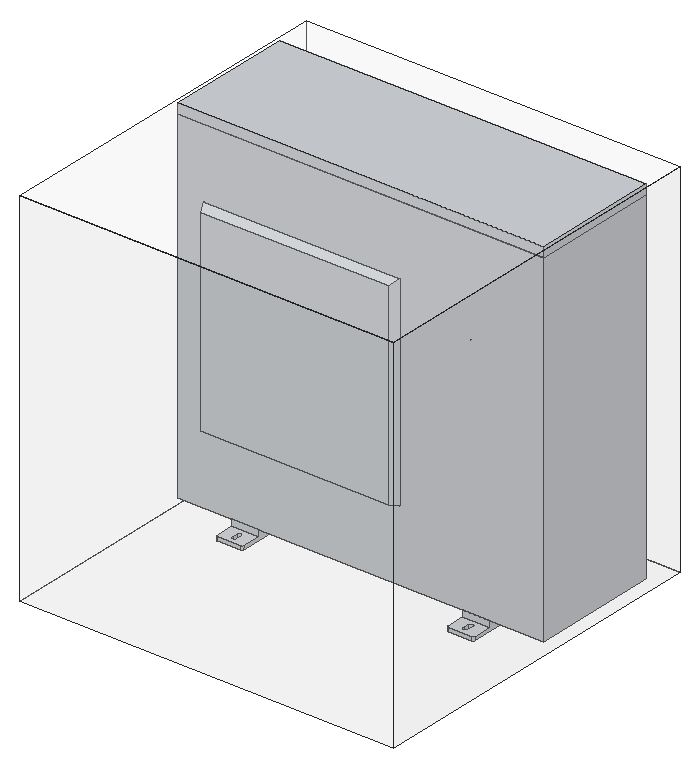
Revit family "puz-zrmp80280hka14_50hz", category 機械設備, Revit 2019
Family settings
  丸型コネクタ寸法 = 直径を使用
  パーツ タイプ = 標準
  OmniClass 番号 = 23.75.10.24.21.27.27
  OmniClass タイトル = Split System Air Conditioning Units
  作業面ベース = いいえ
  常に垂直 = はい
  ロード時にボイドで切り取り = いいえ
  共有 = いいえ
  部屋計算ポイント = いいえ
Parameters (values of type "室外機_PUZ-ZRMP80SHA14 (-BS_-BSG)")
  音響パワーレベル_冷房 (dB) = 66
  音響パワーレベル_暖房 (dB) = 68
  音響パワーレベル(dB) = [音響パワーレベル_暖房 (dB)]  # 68
  電源種別 = ""
  電源位置Y = 2 mm
  電源位置Z = 669 mm
  電源位置X = 275 mm
  電圧 = 200 V
  電動機出力_送風機 = 0.06 kW
  電動機出力_圧縮機 = 1.6 kW
  集中コントローラ [instance] = ""
  運転質量 = 0.00 kg
  運転方法 = "冷暖切替"
  質量 = if(製品質量 > 運転質量, 製品質量, 運転質量) * 1.2  # 84.00 kg
  負荷分類 = 1_熱源類
  説明 = "空冷H/P PAC インバータ室外機"
  設計暖房能力 [instance] = 0 kW
  設計冷房能力_顕熱 [instance] = 0 kW
  設計冷房能力 [instance] = 0 kW
  設置方法 = "床置形"
  記号 [instance] = ""
  製造元 = "三菱電機株式会社"
  製品質量 = 70.00 kg
  製品出荷対象 = "国内"
  製品リリース年月 = ""
  製品グループ = ""
  系統 [instance] = ""
  符号 = "PAC"
  積算_科目 = "1 空気調和設備"
  積算_拾い区分 [instance] = ""
  相 = 1
  盤記号 [instance] = ""
  発停方法 = "付属スイッチ"
  特殊仕様 [instance] = ""
  消費電力_暖房 = 2.34 kW
  消費電力_冷房 = 1.98 kW
  消費電力 = if(消費電力_冷房 > 消費電力_暖房, 消費電力_冷房, 消費電力_暖房)  # 2.34 kW
  法定耐用年数 = "6"
  構成品番 = "PUZ-ZRMP80SHA14 (-BS,-BSG)"
  極数 = 1
  材質 [instance] = ""
  本体マテリアル = none
  最小電線太さ_mm2 = 3.5
  最大電流値 = 0 A
  暖房能力 = 8 kW
  推奨ブレーカー容量 = 30 A
  据付ピッチ1 = 0 mm
  形式 = "パッケージ形 室外機"
  形名 = PUZ-ZRMP-2 : PUZ-ZRMP-2
  幹線記号 [instance] = ""
  始動方式 = "インバータ始動方式"
  呼称 = "パッケージ形空気調和機_室外機"
  周波数 = 50 Hz
  価格 = 0
  ドレン　位置Z = 23 mm
  ドレン　位置Y = 111 mm
  ドレン　位置X = 30 mm
  アンカーボルト位置Y = 370 mm
  アンカーボルト位置X = 600 mm
  参照している仕様書等のバージョン = "公共建築物標準仕様書（機械設備工事編）平成31年度版"
  分類コード = "5.0053E+13"
  分類グループ = ""
  冷房能力 = 7.1 kW
  冷媒管（ガス）位置X = 434 mm
  冷媒管（液）位置X = 377 mm
  冷媒管（液）位置Y = 290 mm
  冷媒管（ガス）位置Y = 229 mm
  冷媒管長 [instance] = 0 mm
  冷媒管径符号 = "Bd"
  冷媒管径 = 100.00 mm
  冷媒管位置Z = 447 mm
  冷媒管位置Y = (冷媒管（液）位置Y + 冷媒管（ガス）位置Y) / 2  # 259.5 mm
  冷媒管位置X = (冷媒管（液）位置X + 冷媒管（ガス）位置X) / 2  # 405.5 mm
  冷媒液管径 = 9.52 mm
  冷媒ガス管径 = 15.88 mm
  企業コード = "108420"
  付属品 [instance] = ""
  仕様書バージョン = "Version1.0"
  ユニット数 = 1
  ユニット3 = yes
  ユニット2 = yes
  Model = ""
  ドレン管径 = 33.00 mm
  サービススペース = yes
  コメント [instance] = ""
  ケーブル種類1 = ""
  【値が 0 の項目は組合せ形名にてご確認ください】 = ""
  Width = 950 mm
  Version = ""
  Uniclass2015Version = "Systems v1.9"
  Uniclass2015Title = "Split coil remote air cooled condensing units"
  Uniclass2015Code = "Pr_70_65_03_84"
  URL = "https://www.mitsubishielectric.co.jp/ldg/wink/ssl/top.do"
  SpecificationReference = ""
  SpecificationDescription = ""
  Revision = ""
  ProductInformation = ""
  OmniClassCode = "23-33 17 13 11"
  IfcTypeProduct = ""
  IfcProduct = ""
  IfcExportType = "AIRCONDITIONINGUNIT"
  IfcExportAs = "IfcUnitaryEquipmentType"
  Height = 943 mm
  Depth = 330 mm
  Clearance Top = 0 mm
  Clearance Right = 10 mm
  Clearance Left = 10 mm
  Clearance Front = 500 mm
  Clearance Bottom = 0 mm
  Clearance Back = 100 mm
  COP = 0
  Author = "三菱電機株式会社"
  APF = 0
Reference planes
  plane 1 "中心(正面/背面)": y = 74
  plane 2: z = 0
  plane 3 "中心(左/右)": x = 830
  plane 4 "右": x = 1305
  plane 5 "左": x = 355
  plane 6 "背面": y = 239
  plane 7 "正面": y = -91
  plane 8 "上部": z = 943
  plane 9 "Clearanse Top": z = 943
  plane 10 "SS_back": y = 339
  plane 11 "SS_front": y = -591
  plane 12 "SS_left": x = 345
  plane 13 "SS_right": x = 1315
  plane 14: z = 0
  plane 15: y = -89
  plane 16: x = 1105
  plane 17: z = 669
  plane 18: y = -87
  plane 19: y = -20.5
  plane 20: x = 1235.5
  plane 21: z = 447
  plane 22: z = 449
  plane 23: y = 128
  plane 24: x = 385
  plane 25: z = 25
  plane 26: z = 23
  plane 27: x = 530
  plane 28: x = 1130
  plane 29: y = 259
  plane 30: y = -111
Forms (mm)
  Extrusion 1, solid, detail levels fine
    sketch origin (0, -91, 0) x (1, 0, 0) y (0, 0, 1)
      loop
        circle (1105, 669) r 13.5
    from -4 to -2
  Extrusion 2, solid, detail levels fine
    sketch origin (-1437.329, -1524, 54) x (-1, 0, 0) y (0, -1, 0)
      loop
        circle (-2672.829, -1503.5) r 50
    from 393 to 395
  Extrusion 3, solid, detail levels fine
    sketch origin (-1437.329, -1524, 54) x (-1, 0, 0) y (0, -1, 0)
      loop
        circle (-1822.329, -1652) r 16.5
    from -31 to -29
Lines and regions (mm)
  model lines, not visible
    curve 1: line (460, 178.667, 1289.179) -> (460, 297.73, 1289.179)
    curve 2: line (460, 178.667, 1056.056) -> (460, 178.667, 1289.179)
    curve 3: line (460, 297.73, 1056.056) -> (460, 178.667, 1056.056)
    curve 4: line (460, 297.73, 1289.179) -> (460, 297.73, 1056.056)
    curve 5: line (460, 47.598, 1289.179) -> (460, 166.661, 1289.179)
    curve 6: line (460, 47.598, 1056.056) -> (460, 47.598, 1289.179)
    curve 7: line (460, 166.661, 1056.056) -> (460, 47.598, 1056.056)
    curve 8: line (460, 166.661, 1289.179) -> (460, 166.661, 1056.056)
    curve 9: line (460, -83.471, 1289.179) -> (460, 35.592, 1289.179)
    curve 10: line (460, -83.471, 1056.056) -> (460, -83.471, 1289.179)
    curve 11: line (460, 35.592, 1056.056) -> (460, -83.471, 1056.056)
    curve 12: line (460, 35.592, 1289.179) -> (460, 35.592, 1056.056)
    curve 13: line (460, -150.779, 1289.179) -> (460, -95.75, 1289.179)
    curve 14: line (460, -150.779, 1056.056) -> (460, -150.779, 1289.179)
    curve 15: line (460, -95.75, 1056.056) -> (460, -150.779, 1056.056)
    curve 16: line (460, -95.75, 1289.179) -> (460, -95.75, 1056.056)
    curve 17: line (460, -150.779, 1283.175) -> (460, -132.596, 1283.175)
    curve 18: line (460, -150.779, 1062.059) -> (460, -150.779, 1283.175)
    curve 19: line (460, -132.596, 1062.059) -> (460, -150.779, 1062.059)
    curve 20: line (460, -132.596, 1283.175) -> (460, -132.596, 1062.059)
    curve 21: line (460, 178.667, 1046.051) -> (460, 297.73, 1046.051)
    curve 22: line (460, 178.667, 812.928) -> (460, 178.667, 1046.051)
    curve 23: line (460, 297.73, 812.928) -> (460, 178.667, 812.928)
    curve 24: line (460, 297.73, 1046.051) -> (460, 297.73, 812.928)
    curve 25: line (460, 47.598, 1046.051) -> (460, 166.661, 1046.051)
    curve 26: line (460, 47.598, 812.928) -> (460, 47.598, 1046.051)
    curve 27: line (460, 166.661, 812.928) -> (460, 47.598, 812.928)
    curve 28: line (460, 166.661, 1046.051) -> (460, 166.661, 812.928)
    curve 29: line (460, -83.471, 1046.051) -> (460, 35.592, 1046.051)
    curve 30: line (460, -83.471, 812.928) -> (460, -83.471, 1046.051)
    curve 31: line (460, 35.592, 812.928) -> (460, -83.471, 812.928)
    curve 32: line (460, 35.592, 1046.051) -> (460, 35.592, 812.928)
    curve 33: line (460, -150.779, 1046.051) -> (460, -95.75, 1046.051)
    curve 34: line (460, -150.779, 812.928) -> (460, -150.779, 1046.051)
    curve 35: line (460, -95.75, 812.928) -> (460, -150.779, 812.928)
    curve 36: line (460, -95.75, 1046.051) -> (460, -95.75, 812.928)
    curve 37: line (460, -150.779, 1040.048) -> (460, -132.596, 1040.048)
    curve 38: line (460, -150.779, 818.931) -> (460, -150.779, 1040.048)
    curve 39: line (460, -132.596, 818.931) -> (460, -150.779, 818.931)
    curve 40: line (460, -132.596, 1040.048) -> (460, -132.596, 818.931)
    curve 41: line (460, 178.667, 802.923) -> (460, 297.73, 802.923)
    curve 42: line (460, 178.667, 569.8) -> (460, 178.667, 802.923)
    curve 43: line (460, 297.73, 569.8) -> (460, 178.667, 569.8)
    curve 44: line (460, 297.73, 802.923) -> (460, 297.73, 569.8)
    curve 45: line (460, 47.598, 802.923) -> (460, 166.661, 802.923)
    curve 46: line (460, 47.598, 569.8) -> (460, 47.598, 802.923)
    curve 47: line (460, 166.661, 569.8) -> (460, 47.598, 569.8)
    curve 48: line (460, 166.661, 802.923) -> (460, 166.661, 569.8)
    curve 49: line (460, -83.471, 802.923) -> (460, 35.592, 802.923)
    curve 50: line (460, -83.471, 569.8) -> (460, -83.471, 802.923)
    curve 51: line (460, 35.592, 569.8) -> (460, -83.471, 569.8)
    curve 52: line (460, 35.592, 802.923) -> (460, 35.592, 569.8)
    curve 53: line (460, -150.779, 802.923) -> (460, -95.75, 802.923)
    curve 54: line (460, -150.779, 569.8) -> (460, -150.779, 802.923)
    curve 55: line (460, -95.75, 569.8) -> (460, -150.779, 569.8)
    curve 56: line (460, -95.75, 802.923) -> (460, -95.75, 569.8)
    curve 57: line (460, -150.779, 796.92) -> (460, -132.596, 796.92)
    curve 58: line (460, -150.779, 575.803) -> (460, -150.779, 796.92)
    curve 59: line (460, -132.596, 575.803) -> (460, -150.779, 575.803)
    curve 60: line (460, -132.596, 796.92) -> (460, -132.596, 575.803)
    curve 61: line (460, 178.667, 559.795) -> (460, 297.73, 559.795)
    curve 62: line (460, 178.667, 326.672) -> (460, 178.667, 559.795)
    curve 63: line (460, 297.73, 326.672) -> (460, 178.667, 326.672)
    curve 64: line (460, 297.73, 559.795) -> (460, 297.73, 326.672)
    curve 65: line (460, 47.598, 559.795) -> (460, 166.661, 559.795)
    curve 66: line (460, 47.598, 326.672) -> (460, 47.598, 559.795)
    curve 67: line (460, 166.661, 326.672) -> (460, 47.598, 326.672)
    curve 68: line (460, 166.661, 559.795) -> (460, 166.661, 326.672)
    curve 69: line (460, -83.471, 559.795) -> (460, 35.592, 559.795)
    curve 70: line (460, -83.471, 326.672) -> (460, -83.471, 559.795)
    curve 71: line (460, 35.592, 326.672) -> (460, -83.471, 326.672)
    curve 72: line (460, 35.592, 559.795) -> (460, 35.592, 326.672)
    curve 73: line (460, -150.779, 559.795) -> (460, -95.75, 559.795)
    curve 74: line (460, -150.779, 326.672) -> (460, -150.779, 559.795)
    curve 75: line (460, -95.75, 326.672) -> (460, -150.779, 326.672)
    curve 76: line (460, -95.75, 559.795) -> (460, -95.75, 326.672)
    curve 77: line (460, -150.779, 553.792) -> (460, -132.596, 553.792)
    curve 78: line (460, -150.779, 332.675) -> (460, -150.779, 553.792)
    curve 79: line (460, -132.596, 332.675) -> (460, -150.779, 332.675)
    curve 80: line (460, -132.596, 553.792) -> (460, -132.596, 332.675)
    curve 81: line (460, 178.667, 316.667) -> (460, 297.73, 316.667)
    curve 82: line (460, 178.667, 83.544) -> (460, 178.667, 316.667)
    curve 83: line (460, 297.73, 83.544) -> (460, 178.667, 83.544)
    curve 84: line (460, 297.73, 316.667) -> (460, 297.73, 83.544)
    curve 85: line (460, 47.598, 316.667) -> (460, 166.661, 316.667)
    curve 86: line (460, 47.598, 83.544) -> (460, 47.598, 316.667)
    curve 87: line (460, 166.661, 83.544) -> (460, 47.598, 83.544)
    curve 88: line (460, 166.661, 316.667) -> (460, 166.661, 83.544)
    curve 89: line (460, -83.471, 316.667) -> (460, 35.592, 316.667)
    curve 90: line (460, -83.471, 83.544) -> (460, -83.471, 316.667)
    curve 91: line (460, 35.592, 83.544) -> (460, -83.471, 83.544)
    curve 92: line (460, 35.592, 316.667) -> (460, 35.592, 83.544)
    curve 93: line (460, -150.779, 316.667) -> (460, -95.75, 316.667)
    curve 94: line (460, -150.779, 83.544) -> (460, -150.779, 316.667)
    curve 95: line (460, -95.75, 83.544) -> (460, -150.779, 83.544)
    curve 96: line (460, -95.75, 316.667) -> (460, -95.75, 83.544)
    curve 97: line (460, -150.779, 310.664) -> (460, -132.596, 310.664)
    curve 98: line (460, -150.779, 89.547) -> (460, -150.779, 310.664)
    curve 99: line (460, -132.596, 89.547) -> (460, -150.779, 89.547)
    curve 100: line (460, -132.596, 310.664) -> (460, -132.596, 89.547)
Dimensions and locks
  equal spacing: plane 7 "正面", plane 1 "中心(正面/背面)", plane 6 "背面"
  "Depth": plane 7 "正面" to plane 6 "背面"
  "Width": plane 5 "左" to plane 4 "右"
  equal spacing: plane 5 "左", plane 3 "中心(左/右)", plane 4 "右"
  "Clearance Left": plane 12 "SS_left" to plane 5 "左"
  "Clearance Right": plane 4 "右" to plane 13 "SS_right"
  "Clearance Back": plane 6 "背面" to plane 10 "SS_back"
  "Clearance Front": plane 11 "SS_front" to plane 7 "正面"
  "Height": plane 8 "上部" to level
  "Clearance Top": plane 9 "Clearanse Top" to plane 8 "上部"
  "Clearance Bottom": level to plane 14
  "電源位置X": plane 3 "中心(左/右)" to plane 16
  "電源位置Y": plane 7 "正面" to plane 15
  "電源位置Z": plane 17 to level
  locked: plane 15 to plane 18 at 2
  "冷媒管位置X": plane 3 "中心(左/右)" to plane 20
  "冷媒管位置Y": plane 19 to plane 6 "背面"
  "冷媒管位置Z": plane 21 to level
  locked: plane 22 to plane 21 at 2
  "ドレン　位置X": plane 5 "左" to plane 24
  "ドレン　位置Y": plane 23 to plane 6 "背面"
  locked: plane 25 to plane 26 at 2
  "ドレン　位置Z": plane 26 to level
  equal spacing: plane 30, plane 1 "中心(正面/背面)", plane 29
  "アンカーボルト位置Y": plane 30 to plane 29
  equal spacing: plane 27, plane 3 "中心(左/右)", plane 28
  "アンカーボルト位置X": plane 27 to plane 28
  radius of Extrusion 1 sketch curve = 13.5 mm
  "冷媒管径": diameter of Extrusion 2 sketch curve
  "ドレン管径": diameter of Extrusion 3 sketch curve
  aligned and locked: level to plane 2
  aligned and locked: plane 10 "SS_back" to nested 1  (x2)
  aligned and locked: plane 13 "SS_right" to nested 1
  aligned and locked: plane 12 "SS_left" to nested 1  (x2)
  aligned and locked: nested 1 to plane 13 "SS_right"
  aligned and locked: plane 11 "SS_front" to nested 1
  aligned and locked: plane 9 "Clearanse Top" to nested 1
  aligned and locked: plane 1 "中心(正面/背面)" to nested 2
  aligned and locked: plane 3 "中心(左/右)" to nested 2
  aligned and locked: plane 14 to nested 1
  aligned and locked: plane 17 to Extrusion 1 sketch curve
  aligned and locked: plane 16 to Extrusion 1 sketch curve
  aligned and locked: Extrusion 1 to plane 18
  aligned and locked: plane 15 to Extrusion 1
  aligned and locked: plane 19 to Extrusion 2 sketch curve
  aligned and locked: plane 20 to Extrusion 2 sketch curve
  aligned and locked: plane 22 to Extrusion 2
  aligned and locked: Extrusion 2 to plane 21
  aligned and locked: plane 24 to Extrusion 3 sketch curve
  aligned and locked: plane 23 to Extrusion 3 sketch curve
  aligned and locked: plane 25 to Extrusion 3
  aligned and locked: Extrusion 3 to plane 26
  aligned and locked: plane 27 to nested 3
  aligned and locked: plane 29 to nested 3
Nested families
  nested 1: "サービススペース" at (830, -126, 471.5), visible <- "サービススペース", type "サービススペース"
    with Width 970 mm, Height 943 mm, Depth 930 mm
  nested 2: "PUZ-ZRMP-2" at (830, 74, 0), type <- "形名", type "PUZ-ZRMP-2"
  nested 3: "固定点" at (530, -111, 0), type "固定点"
    with W 600 mm, D 370 mm
Connectors
  piping at (1235.5, -20.5, 447), diameter 100, driven by "冷媒管径", driven by "冷媒管径符号"
    settings: on Extrusion 2, index 1, connector inside diameter 609.60 mm, connector length 0 mm, flow factor 0, pipe flow 0.0 L/s, pressure drop 0.0 Pa, fitting loss kfactor 0, connector angle 0.00°, fixture units 0, engagement length 0 mm, angle of deflection 0.00°, flow configuration 1, flow direction 2, fitting loss method 4, system type 7, joint type 0, gender type 0, connector reference index -1, connector utility 0, adjustable connector no, is connector primary yes, connector description "Bd"
  electrical at (1105, -89, 669), driven by "極数", driven by "負荷分類", driven by "電圧", driven by "消費電力"
    settings: on Extrusion 1, index 2, voltage 200 V, apparent load 2340 VA, apparent load phase1 0 VA, apparent load phase2 0 VA, apparent load phase3 0 VA, power factor 1, load classification "1_熱源類", number of poles 1, system type 30, power factor state 1, is connector primary yes, connector utility no, sub classification motor no, connector description ""
Definition of nested family "サービススペース"
  Parameters (values of type "サービススペース")
    Width [instance] = 500 mm
    Height [instance] = 500 mm
    Depth [instance] = 500 mm
  Reference planes
    plane 1 "中心(正面/背面)": y = 0
    plane 2: z = 0
    plane 3 "中心(左/右)": x = 0
    plane 4: y = -250
    plane 5: x = 250
    plane 6: y = 250
    plane 7: x = -250
    plane 8: z = 250
    plane 9: z = -250
  Forms (mm)
    Extrusion 1, solid
      sketch origin (-638.939, 0, 72.39) x (1, 0, 0) y (0, 1, 0)
        loop
          line (388.939, 250) -> (388.939, -250) -> (888.939, -250) -> (888.939, 250) -> (388.939, 250)
      from -322.39 to 177.61
  Lines and regions (mm)
    symbolic lines
      curve 1: line (-250, 0, 250) -> (250, 0, 250)
      curve 2: line (-250, 0, -250) -> (-250, 0, 250)
      curve 3: line (250, 0, -250) -> (-250, 0, -250)
      curve 4: line (250, 0, 250) -> (250, 0, -250)
      curve 5: line (0, -250, 250) -> (0, 250, 250)
      curve 6: line (0, -250, -250) -> (0, -250, 250)
      curve 7: line (0, 250, -250) -> (0, -250, -250)
      curve 8: line (0, 250, 250) -> (0, 250, -250)
      curve 9: line (-250, 250, 0) -> (250, 250, 0)
      curve 10: line (-250, -250, 0) -> (-250, 250, 0)
      curve 11: line (250, -250, 0) -> (-250, -250, 0)
      curve 12: line (250, 250, 0) -> (250, -250, 0)
  Dimensions and locks
    equal spacing: plane 7, plane 3 "中心(左/右)", plane 5
    equal spacing: plane 4, plane 1 "中心(正面/背面)", plane 6
    "Depth": plane 4 to plane 6
    "Width": plane 7 to plane 5
    equal spacing: plane 8, plane 2, plane 9
    "Height": plane 8 to plane 9
    aligned and locked: plane 9 to curve 3
    aligned and locked: plane 7 to curve 2
    aligned and locked: curve 4 to plane 5
    aligned and locked: plane 5 to Extrusion 1
    aligned and locked: Extrusion 1 to plane 7
    aligned and locked: Extrusion 1 to plane 9
    aligned and locked: plane 8 to Extrusion 1
    aligned and locked: plane 9 to curve 7
  Automatic sketch dimensions
    plane 4 to Extrusion 1 sketch curve = 0 mm
    Extrusion 1 sketch curve to plane 7 = 0 mm
    Extrusion 1 sketch curve to plane 5 = 0 mm
    plane 6 to Extrusion 1 sketch curve = 0 mm
    curve 2 to plane 8 = 0 mm
    plane 4 to curve 11 = 0 mm
    curve 11 to plane 7 = 0 mm
    curve 11 to plane 5 = 0 mm
    plane 6 to curve 10 = 0 mm
    curve 7 to plane 4 = 0 mm
    curve 7 to plane 6 = 0 mm
    curve 6 to plane 8 = 0 mm
Definition of nested family "PUZ-ZRMP-2"
  Parameters (values of type "PUZ-ZRMP-2")
    配線取出口サイズ = 27 mm
    配線取出口-Z = 669 mm
    配線取出口-Y = 325 mm
    配線取出口-X = 275 mm
    液配管サイズ = 100 mm
    高さ = 943 mm
    換気-W = 322 mm
    換気-H2 = 632 mm
    換気-H1 = 473 mm
    換気-D = 25 mm
    奥行き = 330 mm
    吊りボルト_H = 0 mm
    吊りボルト-φ = 12 mm
    冷媒配管サイズ = 9.52 mm
    冷媒液管径-Z = 447 mm
    冷媒液管径-Y = 290 mm
    冷媒液管径-X = 377 mm
    冷媒ガス管径-Z = 431 mm
    冷媒ガス管径-Y = 229 mm
    冷媒ガス管径-X = 434 mm
    吊りボルト-W = 600 mm
    マテリアル = none
    ドレン配管サイズ = 33 mm
    ドレン管径-Z = 0 mm
    ドレン管径-Y = 219 mm
    ドレン管径-X = 445 mm
    タイプ3 = no
    タイプ2 = yes
    タイプ1 = no
    ガス配管サイズ = 15.88 mm
    吊りボルト-D = 370 mm
    幅さ = 950 mm
    a = 幅さ / 2  # 475 mm
  Reference planes
    plane 1 "中心(正面/背面)": y = 0
    plane 2: z = 0
    plane 3 "中心(左/右)": x = 0
    plane 4: z = 943
    plane 5: x = -475
    plane 6: x = 475
    plane 7: y = 165
    plane 8: y = -165
    plane 9: x = 537
    plane 10: y = -105
    plane 11: y = 5
    plane 12: z = 918
    plane 13: x = -495
    plane 14: x = -300
    plane 15: x = 300
    plane 16: y = 185
    plane 17: y = -185
    plane 18: x = 335
    plane 19: x = 265
    plane 20: x = -265
    plane 21: x = -335
    plane 22: y = 204
    plane 23: y = -218
    plane 24: z = 8.5
    plane 25: z = 25
    plane 26: z = 23
    plane 27: x = -185
    plane 28: x = 170
    plane 29: z = 938
    plane 30: y = -40
    plane 31: y = 40
    plane 32: y = -30
    plane 33: y = 30
    plane 34: z = 923
    plane 35: z = 55
    plane 36: z = 225
    plane 37: z = 570
    plane 38: x = 485
    plane 39: x = 506
    plane 40: y = -190
    plane 41: x = -153
    plane 42: z = 473
    plane 43: x = 101
    plane 44: x = -407
    plane 45: z = 737
    plane 46: z = 209
    plane 47: x = -397
    plane 48: x = 91
    plane 49: z = 727
    plane 50: z = 219
    plane 51: y = 115
    plane 52: y = -115
    plane 53: y = 54
    plane 54: x = 434
    plane 55: x = 275
    plane 56: y = -160
    plane 57: y = -125
    plane 58: y = -64
    plane 59: x = 377
    plane 60: z = 431
    plane 61: z = 447
    plane 62: z = 669
    plane 63: y = -110
    plane 64: z = 531
    plane 65: z = 547
    plane 66: x = 405.5
    plane 67: y = -94.5
    plane 68 "グループ": x = -475
    plane 69: z = 1338
    plane 70: z = 943
    plane 71: z = 1105
    plane 72: z = 1369
    plane 73: z = 841
    plane 74: z = 1359
    plane 75: z = 851
    plane 76: x = -445
    plane 77: y = 135
    plane 78: x = -225
    plane 79: x = -80
    plane 80: x = 65
    plane 81: x = 210
  Forms (mm)
    Extrusion 1, solid, visible <- "タイプ2", detail levels fine
      sketch origin (-1437.329, -1524, 943) x (-1, 0, 0) y (0, -1, 0)
        loop
          line (-1102.329, -1689) -> (-1102.329, -1359) -> (-1172.329, -1359) -> (-1172.329, -1689) -> (-1102.329, -1689)
        loop
          line (-1702.329, -1689) -> (-1702.329, -1359) -> (-1772.329, -1359) -> (-1772.329, -1689) -> (-1702.329, -1689)
      from -943 to -918
    Extrusion 2, solid, material <- "マテリアル", visible <- "タイプ2", detail levels fine
      sketch origin (-1437.329, -1524, 943) x (-1, 0, 0) y (0, -1, 0)
        loop
          line (-1912.329, -1689) -> (-962.329, -1689) -> (-962.329, -1359) -> (-1912.329, -1359) -> (-1912.329, -1689)
      from -918 to -25
    Extrusion 3, solid, material <- "マテリアル", visible <- "タイプ2", detail levels fine
      sketch origin (-1437.329, -1524, 943) x (-1, 0, 0) y (0, -1, 0)
        loop
          line (-962.329, -1689) -> (-962.329, -1359) -> (-1912.329, -1359) -> (-1912.329, -1689) -> (-962.329, -1689)
      from -25 to 0
    Blend 4, solid, material <- "マテリアル", visible <- "タイプ2", detail levels fine
      base sketch origin (0, 0, 0) x (1, 0, 0) y (0, 0, 1)
        loop
          line (-407, 737) -> (-407, 209) -> (101, 209) -> (101, 737) -> (-407, 737)
      top sketch origin (0, 0, 0) x (1, 0, 0) y (0, 0, 1)
        loop
          line (-397, 727) -> (-397, 219) -> (91, 219) -> (91, 727) -> (-397, 727)
      from 165 to 190
    Extrusion 5, solid, material <- "マテリアル", visible <- "タイプ2", detail levels fine
      sketch origin (-1437.329, -1524, 943) x (-1, 0, 0) y (0, -1, 0)
        loop
          circle (-1871.329, -1460) r 7.94
      from -512 to -412
    Extrusion 6, solid, material <- "マテリアル", visible <- "タイプ2", detail levels fine
      sketch origin (-1437.329, -1524, 943) x (-1, 0, 0) y (0, -1, 0)
        loop
          circle (-1814.329, -1399) r 4.76
      from -496 to -396
    Extrusion 7, solid, material <- "マテリアル", visible <- "タイプ2", detail levels fine
      sketch origin (1480.036, -190, 1200) x (1, 0, 0) y (0, 0, 1)
        loop
          circle (-1205.036, -531) r 13.5
      from -80 to -30
    Extrusion 8, solid, material <- "マテリアル", visible <- "タイプ2", detail levels fine
      sketch origin (-1437.329, -1524, 943) x (-1, 0, 0) y (0, -1, 0)
        loop
          circle (-1842.829, -1429.5) r 50
      from -496 to -396
    Extrusion 9, solid, visible <- "タイプ2", detail levels fine
      sketch origin (-1437.329, -1524, 943) x (-1, 0, 0) y (0, -1, 0)
        loop
          line (-1102.329, -1728) -> (-1102.329, -1689) -> (-1172.329, -1689) -> (-1172.329, -1728) -> (-1143.329, -1728) -> (-1143.329, -1709)
          arc (-1143.329, -1709) -> (-1137.329, -1703) -> (-1131.329, -1709) r 6
          line (-1131.329, -1709) -> (-1131.329, -1728) -> (-1102.329, -1728)
        loop
          line (-1102.329, -1359) -> (-1102.329, -1311)
          arc (-1102.329, -1311) -> (-1103.794, -1307.464) -> (-1107.329, -1306) r 5
          line (-1107.329, -1306) -> (-1167.329, -1306)
          arc (-1167.329, -1306) -> (-1170.865, -1307.464) -> (-1172.329, -1311) r 5
          line (-1172.329, -1311) -> (-1172.329, -1359) -> (-1102.329, -1359)
        loop
          arc (-1143.329, -1339) -> (-1137.329, -1345) -> (-1131.329, -1339) r 6
          line (-1131.329, -1339) -> (-1131.329, -1324)
          arc (-1131.329, -1324) -> (-1137.329, -1318) -> (-1143.329, -1324) r 6
          line (-1143.329, -1324) -> (-1143.329, -1339)
        loop
          line (-1772.329, -1728) -> (-1743.329, -1728) -> (-1743.329, -1709)
          arc (-1743.329, -1709) -> (-1737.329, -1703) -> (-1731.329, -1709) r 6
          line (-1731.329, -1709) -> (-1731.329, -1728) -> (-1702.329, -1728) -> (-1702.329, -1689) -> (-1772.329, -1689) -> (-1772.329, -1728)
        loop
          line (-1772.329, -1359) -> (-1702.329, -1359) -> (-1702.329, -1311)
          arc (-1702.329, -1311) -> (-1703.794, -1307.464) -> (-1707.329, -1306) r 5
          line (-1707.329, -1306) -> (-1767.329, -1306)
          arc (-1767.329, -1306) -> (-1770.865, -1307.464) -> (-1772.329, -1311) r 5
          line (-1772.329, -1311) -> (-1772.329, -1359)
        loop
          line (-1731.329, -1339) -> (-1731.329, -1324)
          arc (-1731.329, -1324) -> (-1737.329, -1318) -> (-1743.329, -1324) r 6
          line (-1743.329, -1324) -> (-1743.329, -1339)
          arc (-1743.329, -1339) -> (-1737.329, -1345) -> (-1731.329, -1339) r 6
      from -943 to -934.5
    Extrusion 10, solid, material <- "マテリアル", visible <- "タイプ2", detail levels fine
      sketch origin (-1437.329, -1524, 943) x (-1, 0, 0) y (0, -1, 0)
        loop
          circle (-992.329, -1578) r 16.5
        loop
          circle (-1212.329, -1659) r 16.5
        loop
          circle (-1357.329, -1659) r 16.5
        loop
          circle (-1502.329, -1659) r 16.5
        loop
          circle (-1647.329, -1659) r 16.5
      from -920 to -918
  Cuts and joins
    joined: Extrusion 1, Extrusion 9
  Lines and regions (mm)
    Masking region 1, visible <- "タイプ2", detail levels coarse+medium
      outline origin (-1437.329, -1524, 943) x (-1, 0, 0) y (0, -1, 0)
        loop
          line (-1912.329, -1689) -> (-1772.329, -1689) -> (-1772.329, -1728) -> (-1702.329, -1728) -> (-1702.329, -1689) -> (-1172.329, -1689) -> (-1172.329, -1728) -> (-1102.329, -1728) -> (-1102.329, -1689) -> (-962.329, -1689) -> (-962.329, -1359) -> (-1030.329, -1359) -> (-1040.329, -1334) -> (-1102.329, -1334) -> (-1102.329, -1306) -> (-1172.329, -1306) -> (-1172.329, -1334) -> (-1528.329, -1334) -> (-1538.329, -1359) -> (-1702.329, -1359) -> (-1702.329, -1306) -> (-1772.329, -1306) -> (-1772.329, -1359) -> (-1912.329, -1359) -> (-1912.329, -1689)
    model lines, visible <- "タイプ2", detail levels fine
      curve 1: line (395, 115, 943) -> (-395, 115, 943)
      curve 2: line (-395, -115, 943) -> (395, -115, 943)
      curve 3: line (-395, -45, 943) -> (395, -45, 943)
      curve 4: line (395, 45, 943) -> (-395, 45, 943)
      curve 5: line (-395, -35, 943) -> (395, -35, 943)
      curve 6: line (395, 35, 943) -> (-395, 35, 943)
      curve 7: line (-395, 115, 943) -> (-395, 45, 943)
      curve 8: line (395, -115, 943) -> (395, -45, 943)
      curve 9: line (-395, 35, 943) -> (-395, -35, 943)
      curve 10: line (-395, -45, 943) -> (-395, -115, 943)
      curve 11: line (395, -35, 943) -> (395, 35, 943)
      curve 12: line (395, 45, 943) -> (395, 115, 943)
      curve 13: line (425, -115, 943) -> (425, 115, 943)
      curve 14: line (410, -115, 943) -> (410, 115, 943)
      curve 15: line (-425, 115, 943) -> (-425, -115, 943)
      curve 16: line (-410, 115, 943) -> (-410, -115, 943)
      curve 17: line (-410, 115, 943) -> (-425, 115, 943)
      curve 18: line (-410, -115, 943) -> (-425, -115, 943)
      curve 19: line (410, 115, 943) -> (425, 115, 943)
      curve 20: line (410, -115, 943) -> (425, -115, 943)
      curve 21: line (-397, -190, 520.5) -> (91, -190, 520.5)
      curve 22: line (91, -190, 425.5) -> (-397, -190, 425.5)
      curve 23: line (-397, -190, 615.5) -> (91, -190, 615.5)
      curve 24: line (-397, -190, 710.5) -> (91, -190, 710.5)
      curve 25: line (91, -190, 330.5) -> (-397, -190, 330.5)
      curve 26: line (91, -190, 235.5) -> (-397, -190, 235.5)
      curve 27: line (-379.571, -190, 727) -> (-379.571, -190, 219)
      curve 28: line (73.571, -190, 219) -> (73.571, -190, 727)
      curve 29: line (-362.143, -190, 727) -> (-362.143, -190, 219)
      curve 30: line (-344.714, -190, 727) -> (-344.714, -190, 219)
      curve 31: line (-327.286, -190, 727) -> (-327.286, -190, 219)
      curve 32: line (-309.857, -190, 727) -> (-309.857, -190, 219)
      curve 33: line (-292.429, -190, 727) -> (-292.429, -190, 219)
      curve 34: line (-275, -190, 727) -> (-275, -190, 219)
      curve 35: line (-257.571, -190, 727) -> (-257.571, -190, 219)
      curve 36: line (-240.143, -190, 727) -> (-240.143, -190, 219)
      curve 37: line (-222.714, -190, 727) -> (-222.714, -190, 219)
      curve 38: line (-205.286, -190, 727) -> (-205.286, -190, 219)
      curve 39: line (-187.857, -190, 727) -> (-187.857, -190, 219)
      curve 40: line (-170.429, -190, 727) -> (-170.429, -190, 219)
      curve 41: line (-153, -190, 727) -> (-153, -190, 219)
      curve 42: line (-135.571, -190, 727) -> (-135.571, -190, 219)
      curve 43: line (-118.143, -190, 727) -> (-118.143, -190, 219)
      curve 44: line (-100.714, -190, 727) -> (-100.714, -190, 219)
      curve 45: line (-83.286, -190, 727) -> (-83.286, -190, 219)
      curve 46: line (-65.857, -190, 727) -> (-65.857, -190, 219)
      curve 47: line (-48.429, -190, 727) -> (-48.429, -190, 219)
      curve 48: line (-31, -190, 727) -> (-31, -190, 219)
      curve 49: line (-13.571, -190, 727) -> (-13.571, -190, 219)
      curve 50: line (3.857, -190, 727) -> (3.857, -190, 219)
      curve 51: line (21.286, -190, 727) -> (21.286, -190, 219)
      curve 52: line (38.714, -190, 727) -> (38.714, -190, 219)
      curve 53: line (56.143, -190, 727) -> (56.143, -190, 219)
      curve 54: line (-475, -100, 33.5) -> (-475, -60, 33.5)
      curve 55: line (-475, -100, 73.5) -> (-475, -100, 33.5)
      curve 56: line (-475, -60, 73.5) -> (-475, -100, 73.5)
      curve 57: line (-475, -60, 33.5) -> (-475, -60, 73.5)
      curve 58: line (-475, 60, 33.5) -> (-475, 100, 33.5)
      curve 59: line (-475, 60, 73.5) -> (-475, 60, 33.5)
      curve 60: line (-475, 100, 73.5) -> (-475, 60, 73.5)
      curve 61: line (-475, 100, 33.5) -> (-475, 100, 73.5)
      curve 62: line (-475, -46.667, 33.5) -> (-475, -6.667, 33.5)
      curve 63: line (-475, -46.667, 73.5) -> (-475, -46.667, 33.5)
      curve 64: line (-475, -6.667, 73.5) -> (-475, -46.667, 73.5)
      curve 65: line (-475, -6.667, 33.5) -> (-475, -6.667, 73.5)
      curve 66: line (-475, 6.667, 33.5) -> (-475, 46.667, 33.5)
      curve 67: line (-475, 6.667, 73.5) -> (-475, 6.667, 33.5)
      curve 68: line (-475, 46.667, 73.5) -> (-475, 6.667, 73.5)
      curve 69: line (-475, 46.667, 33.5) -> (-475, 46.667, 73.5)
      curve 70: line (-475, -100, 87) -> (-475, -60, 87)
      curve 71: line (-475, -100, 277) -> (-475, -100, 87)
      curve 72: line (-475, -60, 277) -> (-475, -100, 277)
      curve 73: line (-475, -60, 87) -> (-475, -60, 277)
      curve 74: line (-475, -100, 292) -> (-475, -60, 292)
      curve 75: line (-475, -100, 482) -> (-475, -100, 292)
      curve 76: line (-475, -60, 482) -> (-475, -100, 482)
      curve 77: line (-475, -60, 292) -> (-475, -60, 482)
      curve 78: line (-475, -100, 497) -> (-475, -60, 497)
      curve 79: line (-475, -100, 687) -> (-475, -100, 497)
      curve 80: line (-475, -60, 687) -> (-475, -100, 687)
      curve 81: line (-475, -60, 497) -> (-475, -60, 687)
      curve 82: line (-475, -100, 702) -> (-475, -60, 702)
      curve 83: line (-475, -100, 892) -> (-475, -100, 702)
      curve 84: line (-475, -60, 892) -> (-475, -100, 892)
      curve 85: line (-475, -60, 702) -> (-475, -60, 892)
      curve 86: line (-475, 60, 87) -> (-475, 100, 87)
      curve 87: line (-475, 60, 277) -> (-475, 60, 87)
      curve 88: line (-475, 100, 277) -> (-475, 60, 277)
      curve 89: line (-475, 100, 87) -> (-475, 100, 277)
      curve 90: line (-475, -46.667, 87) -> (-475, -6.667, 87)
      curve 91: line (-475, -46.667, 277) -> (-475, -46.667, 87)
      curve 92: line (-475, -6.667, 277) -> (-475, -46.667, 277)
      curve 93: line (-475, -6.667, 87) -> (-475, -6.667, 277)
      curve 94: line (-475, 6.667, 87) -> (-475, 46.667, 87)
      curve 95: line (-475, 6.667, 277) -> (-475, 6.667, 87)
      curve 96: line (-475, 46.667, 277) -> (-475, 6.667, 277)
      curve 97: line (-475, 46.667, 87) -> (-475, 46.667, 277)
      curve 98: line (-475, 60, 292) -> (-475, 100, 292)
      curve 99: line (-475, 60, 482) -> (-475, 60, 292)
      curve 100: line (-475, 100, 482) -> (-475, 60, 482)
      curve 101: line (-475, 100, 292) -> (-475, 100, 482)
      curve 102: line (-475, 60, 702) -> (-475, 100, 702)
      curve 103: line (-475, 60, 892) -> (-475, 60, 702)
      curve 104: line (-475, 100, 892) -> (-475, 60, 892)
      curve 105: line (-475, 100, 702) -> (-475, 100, 892)
      curve 106: line (-475, -46.667, 292) -> (-475, -6.667, 292)
      curve 107: line (-475, -46.667, 482) -> (-475, -46.667, 292)
      curve 108: line (-475, -6.667, 482) -> (-475, -46.667, 482)
      curve 109: line (-475, -6.667, 292) -> (-475, -6.667, 482)
      curve 110: line (-475, -46.667, 497) -> (-475, -6.667, 497)
      curve 111: line (-475, -46.667, 687) -> (-475, -46.667, 497)
      curve 112: line (-475, -6.667, 687) -> (-475, -46.667, 687)
      curve 113: line (-475, -6.667, 497) -> (-475, -6.667, 687)
      curve 114: line (-475, -46.667, 702) -> (-475, -6.667, 702)
      curve 115: line (-475, -46.667, 892) -> (-475, -46.667, 702)
      curve 116: line (-475, -6.667, 892) -> (-475, -46.667, 892)
      curve 117: line (-475, -6.667, 702) -> (-475, -6.667, 892)
      curve 118: line (-475, 6.667, 292) -> (-475, 46.667, 292)
      curve 119: line (-475, 6.667, 482) -> (-475, 6.667, 292)
      curve 120: line (-475, 46.667, 482) -> (-475, 6.667, 482)
      curve 121: line (-475, 46.667, 292) -> (-475, 46.667, 482)
      curve 122: line (-475, 6.667, 497) -> (-475, 46.667, 497)
      curve 123: line (-475, 6.667, 687) -> (-475, 6.667, 497)
      curve 124: line (-475, 46.667, 687) -> (-475, 6.667, 687)
      curve 125: line (-475, 46.667, 497) -> (-475, 46.667, 687)
      curve 126: line (-475, 6.667, 702) -> (-475, 46.667, 702)
      curve 127: line (-475, 6.667, 892) -> (-475, 6.667, 702)
      curve 128: line (-475, 46.667, 892) -> (-475, 6.667, 892)
      curve 129: line (-475, 46.667, 702) -> (-475, 46.667, 892)
    model lines, visible <- "タイプ3", not visible
      curve 130: line (-404.5, -100, 907) -> (-404.5, -60, 907)
      curve 131: line (-404.5, -100, 1097) -> (-404.5, -100, 907)
      curve 132: line (-404.5, -60, 1097) -> (-404.5, -100, 1097)
      curve 133: line (-404.5, -60, 907) -> (-404.5, -60, 1097)
      curve 134: line (-404.5, 60, 907) -> (-404.5, 100, 907)
      curve 135: line (-404.5, 60, 1097) -> (-404.5, 60, 907)
      curve 136: line (-404.5, 100, 1097) -> (-404.5, 60, 1097)
      curve 137: line (-404.5, 100, 907) -> (-404.5, 100, 1097)
      curve 138: line (-404.5, -46.667, 907) -> (-404.5, -6.667, 907)
      curve 139: line (-404.5, -46.667, 1097) -> (-404.5, -46.667, 907)
      curve 140: line (-404.5, -6.667, 1097) -> (-404.5, -46.667, 1097)
      curve 141: line (-404.5, -6.667, 907) -> (-404.5, -6.667, 1097)
      curve 142: line (-404.5, 6.667, 907) -> (-404.5, 46.667, 907)
      curve 143: line (-404.5, 6.667, 1097) -> (-404.5, 6.667, 907)
      curve 144: line (-404.5, 46.667, 1097) -> (-404.5, 6.667, 1097)
      curve 145: line (-404.5, 46.667, 907) -> (-404.5, 46.667, 1097)
      curve 146: line (-404.5, -100, 1112) -> (-404.5, -60, 1112)
      curve 147: line (-404.5, -100, 1302) -> (-404.5, -100, 1112)
      curve 148: line (-404.5, -60, 1302) -> (-404.5, -100, 1302)
      curve 149: line (-404.5, -60, 1112) -> (-404.5, -60, 1302)
      curve 150: line (-404.5, 60, 1112) -> (-404.5, 100, 1112)
      curve 151: line (-404.5, 60, 1302) -> (-404.5, 60, 1112)
      curve 152: line (-404.5, 100, 1302) -> (-404.5, 60, 1302)
      curve 153: line (-404.5, 100, 1112) -> (-404.5, 100, 1302)
      curve 154: line (-404.5, -46.667, 1112) -> (-404.5, -6.667, 1112)
      curve 155: line (-404.5, -46.667, 1302) -> (-404.5, -46.667, 1112)
      curve 156: line (-404.5, -6.667, 1302) -> (-404.5, -46.667, 1302)
      curve 157: line (-404.5, -6.667, 1112) -> (-404.5, -6.667, 1302)
      curve 158: line (-404.5, 6.667, 1112) -> (-404.5, 46.667, 1112)
      curve 159: line (-404.5, 6.667, 1302) -> (-404.5, 6.667, 1112)
      curve 160: line (-404.5, 46.667, 1302) -> (-404.5, 6.667, 1302)
      curve 161: line (-404.5, 46.667, 1112) -> (-404.5, 46.667, 1302)
    model lines, visible <- "タイプ2", not visible
      curve 162: line (-600, -100, 33.5) -> (-600, -60, 33.5)
      curve 163: line (-600, -100, 73.5) -> (-600, -100, 33.5)
      curve 164: line (-600, -60, 73.5) -> (-600, -100, 73.5)
      curve 165: line (-600, -60, 33.5) -> (-600, -60, 73.5)
      curve 166: line (-600, 60, 33.5) -> (-600, 100, 33.5)
      curve 167: line (-600, 60, 73.5) -> (-600, 60, 33.5)
      curve 168: line (-600, 100, 73.5) -> (-600, 60, 73.5)
      curve 169: line (-600, 100, 33.5) -> (-600, 100, 73.5)
      curve 170: line (-509, -46.667, 33.5) -> (-509, -6.667, 33.5)
      curve 171: line (-509, -46.667, 73.5) -> (-509, -46.667, 33.5)
      curve 172: line (-509, -6.667, 73.5) -> (-509, -46.667, 73.5)
      curve 173: line (-509, -6.667, 33.5) -> (-509, -6.667, 73.5)
      curve 174: line (-509, 6.667, 33.5) -> (-509, 46.667, 33.5)
      curve 175: line (-509, 6.667, 73.5) -> (-509, 6.667, 33.5)
      curve 176: line (-509, 46.667, 73.5) -> (-509, 6.667, 73.5)
      curve 177: line (-509, 46.667, 33.5) -> (-509, 46.667, 73.5)
    model lines, visible <- "タイプ2", not visible, detail levels fine
      curve 178: line (-475, -100, 87) -> (-475, -60, 87)
      curve 179: line (-475, -100, 277) -> (-475, -100, 87)
      curve 180: line (-475, -60, 277) -> (-475, -100, 277)
      curve 181: line (-475, -60, 87) -> (-475, -60, 277)
      curve 182: line (-475, -100, 292) -> (-475, -60, 292)
      curve 183: line (-475, -100, 482) -> (-475, -100, 292)
      curve 184: line (-475, -60, 482) -> (-475, -100, 482)
      curve 185: line (-475, -60, 292) -> (-475, -60, 482)
      curve 186: line (-475, -100, 497) -> (-475, -60, 497)
      curve 187: line (-475, -100, 687) -> (-475, -100, 497)
      curve 188: line (-475, -60, 687) -> (-475, -100, 687)
      curve 189: line (-475, -60, 497) -> (-475, -60, 687)
      curve 190: line (-475, -100, 702) -> (-475, -60, 702)
      curve 191: line (-475, -100, 892) -> (-475, -100, 702)
      curve 192: line (-475, -60, 892) -> (-475, -100, 892)
      curve 193: line (-475, -60, 702) -> (-475, -60, 892)
      curve 194: line (-475, 60, 87) -> (-475, 100, 87)
      curve 195: line (-475, 60, 277) -> (-475, 60, 87)
      curve 196: line (-475, 100, 277) -> (-475, 60, 277)
      curve 197: line (-475, 100, 87) -> (-475, 100, 277)
      curve 198: line (-475, -46.667, 87) -> (-475, -6.667, 87)
      curve 199: line (-475, -46.667, 277) -> (-475, -46.667, 87)
      curve 200: line (-475, -6.667, 277) -> (-475, -46.667, 277)
      curve 201: line (-475, -6.667, 87) -> (-475, -6.667, 277)
      curve 202: line (-475, 6.667, 87) -> (-475, 46.667, 87)
      curve 203: line (-475, 6.667, 277) -> (-475, 6.667, 87)
      curve 204: line (-475, 46.667, 277) -> (-475, 6.667, 277)
      curve 205: line (-475, 46.667, 87) -> (-475, 46.667, 277)
      curve 206: line (-475, 60, 292) -> (-475, 100, 292)
      curve 207: line (-475, 60, 482) -> (-475, 60, 292)
      curve 208: line (-475, 100, 482) -> (-475, 60, 482)
      curve 209: line (-475, 100, 292) -> (-475, 100, 482)
      curve 210: line (-475, 60, 702) -> (-475, 100, 702)
      curve 211: line (-475, 60, 892) -> (-475, 60, 702)
      curve 212: line (-475, 100, 892) -> (-475, 60, 892)
      curve 213: line (-475, 100, 702) -> (-475, 100, 892)
      curve 214: line (-475, -46.667, 292) -> (-475, -6.667, 292)
      curve 215: line (-475, -46.667, 482) -> (-475, -46.667, 292)
      curve 216: line (-475, -6.667, 482) -> (-475, -46.667, 482)
      curve 217: line (-475, -6.667, 292) -> (-475, -6.667, 482)
      curve 218: line (-475, -46.667, 497) -> (-475, -6.667, 497)
      curve 219: line (-475, -46.667, 687) -> (-475, -46.667, 497)
      curve 220: line (-475, -6.667, 687) -> (-475, -46.667, 687)
      curve 221: line (-475, -6.667, 497) -> (-475, -6.667, 687)
      curve 222: line (-475, -46.667, 702) -> (-475, -6.667, 702)
      curve 223: line (-475, -46.667, 892) -> (-475, -46.667, 702)
      curve 224: line (-475, -6.667, 892) -> (-475, -46.667, 892)
      curve 225: line (-475, -6.667, 702) -> (-475, -6.667, 892)
      curve 226: line (-475, 6.667, 292) -> (-475, 46.667, 292)
      curve 227: line (-475, 6.667, 482) -> (-475, 6.667, 292)
      curve 228: line (-475, 46.667, 482) -> (-475, 6.667, 482)
      curve 229: line (-475, 46.667, 292) -> (-475, 46.667, 482)
      curve 230: line (-475, 6.667, 497) -> (-475, 46.667, 497)
      curve 231: line (-475, 6.667, 687) -> (-475, 6.667, 497)
      curve 232: line (-475, 46.667, 687) -> (-475, 6.667, 687)
      curve 233: line (-475, 46.667, 497) -> (-475, 46.667, 687)
      curve 234: line (-475, 6.667, 702) -> (-475, 46.667, 702)
      curve 235: line (-475, 6.667, 892) -> (-475, 6.667, 702)
      curve 236: line (-475, 46.667, 892) -> (-475, 6.667, 892)
      curve 237: line (-475, 46.667, 702) -> (-475, 46.667, 892)
      curve 271: line (-475, -100, 33.5) -> (-475, -60, 33.5)
      curve 272: line (-475, -100, 73.5) -> (-475, -100, 33.5)
      curve 273: line (-475, -60, 73.5) -> (-475, -100, 73.5)
      curve 274: line (-475, -60, 33.5) -> (-475, -60, 73.5)
      curve 275: line (-475, 60, 33.5) -> (-475, 100, 33.5)
      curve 276: line (-475, 60, 73.5) -> (-475, 60, 33.5)
      curve 277: line (-475, 100, 73.5) -> (-475, 60, 73.5)
      curve 278: line (-475, 100, 33.5) -> (-475, 100, 73.5)
      curve 279: line (-475, -46.667, 33.5) -> (-475, -6.667, 33.5)
      curve 280: line (-475, -46.667, 73.5) -> (-475, -46.667, 33.5)
      curve 281: line (-475, -6.667, 73.5) -> (-475, -46.667, 73.5)
      curve 282: line (-475, -6.667, 33.5) -> (-475, -6.667, 73.5)
      curve 283: line (-475, 6.667, 33.5) -> (-475, 46.667, 33.5)
      curve 284: line (-475, 6.667, 73.5) -> (-475, 6.667, 33.5)
      curve 285: line (-475, 46.667, 73.5) -> (-475, 6.667, 73.5)
      curve 286: line (-475, 46.667, 33.5) -> (-475, 46.667, 73.5)
    model lines, not visible
      curve 238: line (-338.5, -173.2, 372.5) -> (149.5, -173.2, 372.5)
      curve 239: line (149.5, -173.2, 277.5) -> (-338.5, -173.2, 277.5)
      curve 240: line (-338.5, -173.2, 467.5) -> (149.5, -173.2, 467.5)
      curve 241: line (-338.5, -173.2, 562.5) -> (149.5, -173.2, 562.5)
      curve 242: line (149.5, -173.2, 182.5) -> (-338.5, -173.2, 182.5)
      curve 243: line (149.5, -173.2, 87.5) -> (-338.5, -173.2, 87.5)
      curve 244: line (-321.071, -173.2, 579) -> (-321.071, -173.2, 71)
      curve 245: line (132.071, -173.2, 71) -> (132.071, -173.2, 579)
      curve 246: line (-303.643, -173.2, 579) -> (-303.643, -173.2, 71)
      curve 247: line (-286.214, -173.2, 579) -> (-286.214, -173.2, 71)
      curve 248: line (-268.786, -173.2, 579) -> (-268.786, -173.2, 71)
      curve 249: line (-251.357, -173.2, 579) -> (-251.357, -173.2, 71)
      curve 250: line (-233.929, -173.2, 579) -> (-233.929, -173.2, 71)
      curve 251: line (-216.5, -173.2, 579) -> (-216.5, -173.2, 71)
      curve 252: line (-199.071, -173.2, 579) -> (-199.071, -173.2, 71)
      curve 253: line (-181.643, -173.2, 579) -> (-181.643, -173.2, 71)
      curve 254: line (-164.214, -173.2, 579) -> (-164.214, -173.2, 71)
      curve 255: line (-146.786, -173.2, 579) -> (-146.786, -173.2, 71)
      curve 256: line (-129.357, -173.2, 579) -> (-129.357, -173.2, 71)
      curve 257: line (-111.929, -173.2, 579) -> (-111.929, -173.2, 71)
      curve 258: line (-94.5, -173.2, 579) -> (-94.5, -173.2, 71)
      curve 259: line (-77.071, -173.2, 579) -> (-77.071, -173.2, 71)
      curve 260: line (-59.643, -173.2, 579) -> (-59.643, -173.2, 71)
      curve 261: line (-42.214, -173.2, 579) -> (-42.214, -173.2, 71)
      curve 262: line (-24.786, -173.2, 579) -> (-24.786, -173.2, 71)
      curve 263: line (-7.357, -173.2, 579) -> (-7.357, -173.2, 71)
      curve 264: line (10.071, -173.2, 579) -> (10.071, -173.2, 71)
      curve 265: line (27.5, -173.2, 579) -> (27.5, -173.2, 71)
      curve 266: line (44.929, -173.2, 579) -> (44.929, -173.2, 71)
      curve 267: line (62.357, -173.2, 579) -> (62.357, -173.2, 71)
      curve 268: line (79.786, -173.2, 579) -> (79.786, -173.2, 71)
      curve 269: line (97.214, -173.2, 579) -> (97.214, -173.2, 71)
      curve 270: line (114.643, -173.2, 579) -> (114.643, -173.2, 71)
    symbolic lines, visible <- "タイプ2"
      curve 287: line (-351.899, 165, 943) -> (-475, 165, 943)
      curve 288: line (-475, 165, 943) -> (-475, -165, 943)
      curve 289: line (-475, -165, 943) -> (-374.191, -165, 943)
      curve 290: line (-407, -165, 943) -> (-397, -190, 943)
      curve 291: line (-397, -190, 943) -> (-346.98, -190, 943)
      curve 292: line (-335, -190, 943) -> (-335, -218, 943)
      curve 293: line (-335, -218, 943) -> (-265, -218, 943)
      curve 294: line (-265, -218, 943) -> (-265, -190, 943)
      curve 295: line (-346.98, -190, 943) -> (91, -190, 943)
      curve 296: line (91, -190, 943) -> (101, -165, 943)
      curve 297: line (-374.191, -165, 943) -> (302.486, -165, 943)
      curve 298: line (265, -165, 943) -> (265, -218, 943)
      curve 299: line (265, -218, 943) -> (335, -218, 943)
      curve 300: line (335, -218, 943) -> (335, -165, 943)
      curve 301: line (302.486, -165, 943) -> (475, -165, 943)
      curve 302: line (475, -165, 943) -> (475, 165, 943)
      curve 303: line (475, 165, 943) -> (359.548, 165, 943)
      curve 304: line (335, 165, 943) -> (335, 204, 943)
      curve 305: line (335, 204, 943) -> (265, 204, 943)
      curve 306: line (265, 204, 943) -> (265, 165, 943)
      curve 307: line (359.548, 165, 943) -> (-351.899, 165, 943)
      curve 308: line (-265, 165, 943) -> (-265, 204, 943)
      curve 309: line (-265, 204, 943) -> (-335, 204, 943)
      curve 310: line (-335, 204, 943) -> (-335, 165, 943)
      curve 311: line (-395, 115, 943) -> (395, 115, 943)
      curve 312: line (-395, 45, 943) -> (-395, 115, 943)
      curve 313: line (395, 45, 943) -> (-395, 45, 943)
      curve 314: line (395, 115, 943) -> (395, 45, 943)
      curve 315: line (410, 115, 943) -> (425, 115, 943)
      curve 316: line (410, -115, 943) -> (410, 115, 943)
      curve 317: line (425, -115, 943) -> (410, -115, 943)
      curve 318: line (425, 115, 943) -> (425, -115, 943)
      curve 319: line (395, -35, 943) -> (-395, -35, 943)
      curve 320: line (395, 35, 943) -> (395, -35, 943)
      curve 321: line (-395, 35, 943) -> (395, 35, 943)
      curve 322: line (-395, -35, 943) -> (-395, 35, 943)
      curve 323: line (-425, 115, 943) -> (-410, 115, 943)
      curve 324: line (-425, -115, 943) -> (-425, 115, 943)
      curve 325: line (-410, -115, 943) -> (-425, -115, 943)
      curve 326: line (-410, 115, 943) -> (-410, -115, 943)
      curve 327: line (-395, -45, 943) -> (395, -45, 943)
      curve 328: line (-395, -115, 943) -> (-395, -45, 943)
      curve 329: line (395, -115, 943) -> (-395, -115, 943)
      curve 330: line (395, -45, 943) -> (395, -115, 943)
  Dimensions and locks
    equal spacing: plane 8, plane 1 "中心(正面/背面)", plane 7
    "奥行き": plane 8 to plane 7
    equal spacing: plane 5, plane 3 "中心(左/右)", plane 6
    "幅さ": plane 5 to plane 6
    "高さ": plane 4 to level
    locked: plane 6 to plane 9 at 62
    locked: plane 8 to plane 10 at 60
    locked: plane 8 to plane 11 at 170
    locked: plane 4 to plane 12 at 25
    locked: plane 13 to plane 5 at 20
    "吊りボルト-D": plane 17 to plane 16
    equal spacing: plane 17, plane 1 "中心(正面/背面)", plane 16
    equal spacing: plane 14, plane 3 "中心(左/右)", plane 15
    "吊りボルト-W": plane 14 to plane 15
    plane 19 to plane 15 to plane 18 = 35 mm locked, 35 mm locked
    locked: plane 16 to plane 22 at 19
    locked: plane 23 to plane 17 at 33
    locked: plane 24 to level at 8.5
    plane 25 to level = 25 mm
    locked: plane 4 to plane 29 at 5
    plane 7 to plane 1 "中心(正面/背面)" to plane 8 = 165 mm, 165 mm
    plane 31 to plane 1 "中心(正面/背面)" to plane 30 = 40 mm, 40 mm
    plane 33 to plane 1 "中心(正面/背面)" to plane 32 = 30 mm, 30 mm
    locked: plane 34 to plane 12 at 5
    locked: plane 35 to level at 55
    locked: plane 36 to level at 225
    equal spacing: plane 6, plane 39, plane 9
    locked: plane 6 to plane 38 at 10
    locked: plane 28 to plane 19 at 95
    "換気-D": plane 40 to plane 8
    "換気-W": plane 41 to plane 5
    "換気-H1": plane 42 to level
    plane 43 to plane 41 to plane 44 = 254 mm locked, 254 mm locked
    plane 45 to plane 42 to plane 46 = 264 mm locked, 264 mm locked
    locked: plane 43 to plane 48 at 10
    locked: plane 47 to plane 44 at 10
    locked: plane 45 to plane 49 at 10
    locked: plane 50 to plane 46 at 10
    locked: curve 26 to plane 50 at 16.5
    locked: plane 49 to curve 24 at 16.5
    equal spacing: curve 24, curve 23, curve 21, curve 22, curve 25, curve 26
    equal spacing: plane 48, curve 28, curve 53, curve 52, curve 51, curve 50, curve 49, curve 48, curve 47, curve 46, curve 45, curve 44, curve 43, curve 42, curve 41, curve 40, curve 39, curve 38, curve 37, curve 36, curve 35, curve 34, curve 33, curve 32, curve 31, curve 30, curve 29, curve 27, plane 47
    locked: curve 4 to curve 6 at 10
    locked: curve 3 to curve 5 at 10
    locked: plane 51 to plane 7 at 50
    locked: plane 8 to plane 52 at 50
    "ドレン管径-Y": plane 8 to plane 53
    "配線取出口-Y": plane 56 to plane 7
    "冷媒液管径-Y": plane 57 to plane 7
    "冷媒ガス管径-Y": plane 58 to plane 7
    "配線取出口-X": plane 3 "中心(左/右)" to plane 55
    "冷媒ガス管径-X": plane 3 "中心(左/右)" to plane 54
    "冷媒液管径-X": plane 3 "中心(左/右)" to plane 59
    "冷媒液管径-Z": plane 61 to level
    "冷媒ガス管径-Z": plane 60 to level
    "配線取出口-Z": plane 62 to level
    locked: plane 56 to plane 63 at 50
    locked: plane 64 to plane 60 at 100
    locked: plane 65 to plane 61 at 100
    equal spacing: plane 59, plane 66, plane 54
    equal spacing: plane 57, plane 67, plane 58
    "a": plane 68 "グループ" to plane 3 "中心(左/右)"
    plane 70 to level = 943 mm
    plane 69 to level = 1338 mm
    locked: plane 37 to level at 570
    curve 21 to plane 42 to curve 22 = 47.5 mm locked, 47.5 mm locked
    "換気-H2": plane 71 to plane 42
    plane 72 to plane 71 to plane 73 = 264 mm locked, 264 mm locked
    locked: plane 75 to plane 73 at 10
    locked: plane 72 to plane 74 at 10
    plane 48 to plane 47 = 488 mm
    locked: plane 25 to plane 26 at 2
    "ドレン管径-X": plane 76 to plane 3 "中心(左/右)"
    locked: plane 14 to plane 20 at 35
    locked: plane 21 to plane 14 at 35
    plane 76 to plane 78 to plane 79 to plane 80 to plane 81 = 220 mm locked, 145 mm locked, 145 mm locked, 145 mm locked
    locked: plane 53 to plane 77 at 81
    "ガス配管サイズ": diameter of Extrusion 5 sketch curve
    "冷媒配管サイズ": diameter of Extrusion 6 sketch curve
    "配線取出口サイズ": diameter of Extrusion 7 sketch curve
    "液配管サイズ": diameter of Extrusion 8 sketch curve
    "ドレン配管サイズ": diameter of Extrusion 10 sketch curve  (x5)
    aligned and locked: level to plane 2
    aligned and locked: Extrusion 1 to level
    aligned and locked: plane 25 to Extrusion 1
    aligned and locked: Extrusion 2 sketch curve to plane 7
    aligned and locked: Extrusion 2 sketch curve to plane 8
    aligned and locked: Extrusion 2 sketch curve to plane 5
    aligned and locked: Extrusion 2 sketch curve to plane 6
    aligned and locked: Extrusion 2 to plane 25
    aligned and locked: plane 12 to Extrusion 2
    aligned and locked: Extrusion 3 sketch curve to Extrusion 2  (x4)
    aligned and locked: Extrusion 3 to plane 12
    aligned and locked: plane 4 to Extrusion 3
    aligned and locked: Blend 4 sketch curve to plane 45
    aligned and locked: Blend 4 sketch curve to plane 46
    aligned and locked: Blend 4 sketch curve to plane 44
    aligned and locked: Blend 4 sketch curve to plane 43
    aligned and locked: Blend 4 sketch curve to plane 49
    aligned and locked: Blend 4 sketch curve to plane 47
    aligned and locked: Blend 4 sketch curve to plane 48
    aligned and locked: Blend 4 sketch curve to plane 50
    aligned and locked: Blend 4 to plane 8
    aligned and locked: plane 40 to Blend 4
    aligned and locked: curve 17 to plane 51
    aligned and locked: curve 1 to plane 51
    aligned and locked: plane 51 to curve 19
    aligned and locked: curve 18 to plane 52
    aligned and locked: plane 52 to curve 20
    aligned and locked: plane 58 to Extrusion 5 sketch curve
    aligned and locked: plane 54 to Extrusion 5 sketch curve
    aligned and locked: plane 59 to Extrusion 6 sketch curve
    aligned and locked: plane 57 to Extrusion 6 sketch curve
    aligned and locked: plane 62 to Extrusion 7 sketch curve
    aligned and locked: plane 55 to Extrusion 7 sketch curve
    aligned and locked: plane 56 to Extrusion 7
    aligned and locked: Extrusion 7 to plane 63
    aligned and locked: plane 65 to Extrusion 6
    aligned and locked: plane 64 to Extrusion 5
    aligned and locked: Extrusion 6 to plane 61
    aligned and locked: Extrusion 5 to plane 60
    aligned and locked: plane 67 to Extrusion 8 sketch curve
    aligned and locked: plane 66 to Extrusion 8 sketch curve
    aligned and locked: Extrusion 8 to plane 61
    aligned and locked: plane 65 to Extrusion 8
    aligned and locked: plane 22 to Extrusion 9 sketch curve
    aligned and locked: plane 21 to Extrusion 9 sketch curve
    aligned and locked: Extrusion 9 sketch curve to Extrusion 1  (x4)
    aligned and locked: Extrusion 9 sketch curve to plane 23
    aligned and locked: Extrusion 9 sketch curve to plane 20
    aligned and locked: plane 24 to Extrusion 9
    aligned and locked: Extrusion 9 to level
    aligned and locked: plane 25 to Extrusion 10
    aligned and locked: Extrusion 10 to plane 26
    aligned and locked: Masking region 1 sketch curve to Extrusion 3  (x4)
    aligned and locked: Masking region 1 sketch curve to Extrusion 9  (x11)
    aligned and locked: Masking region 1 sketch curve to Blend 4  (x3)
    aligned and locked: Extrusion 9 to Masking region 1 sketch curve
    aligned and locked: plane 76 to Extrusion 10 sketch curve
    aligned and locked: plane 53 to Extrusion 10 sketch curve
    aligned and locked: plane 78 to Extrusion 10 sketch curve
    aligned and locked: plane 79 to Extrusion 10 sketch curve
    aligned and locked: plane 77 to Extrusion 10 sketch curve  (x4)
    aligned and locked: plane 81 to Extrusion 10 sketch curve
    aligned and locked: plane 80 to Extrusion 10 sketch curve
  Automatic sketch dimensions
    plane 7 to Extrusion 1 sketch curve = 0 mm  (x2)
    Extrusion 1 sketch curve to plane 18 = 0 mm
    plane 8 to Extrusion 1 sketch curve = 0 mm  (x2)
    Extrusion 1 sketch curve to plane 19 = 0 mm
    Extrusion 1 sketch curve to plane 20 = 0 mm
    Extrusion 1 sketch curve to plane 21 = 0 mm
    curve 63 to curve 64 = 40 mm
    curve 62 to curve 66 = 13.333 mm
    curve 66 to curve 66 = 40 mm
    curve 62 to curve 69 = 53.333 mm
    curve 62 to curve 64 = 40 mm
    curve 64 to curve 67 = 13.333 mm
    curve 55 to curve 56 = 40 mm
    curve 54 to curve 58 = 120 mm
    curve 58 to curve 58 = 40 mm
    curve 54 to curve 61 = 160 mm
    curve 54 to curve 56 = 40 mm
    curve 58 to curve 59 = 40 mm
    curve 171 to curve 172 = 40 mm
    curve 170 to curve 174 = 13.333 mm
    curve 174 to curve 174 = 40 mm
    curve 170 to curve 177 = 0 mm
    curve 170 to curve 172 = 40 mm
    curve 172 to curve 175 = 0 mm
    curve 163 to curve 164 = 40 mm
    curve 162 to curve 166 = 120 mm
    curve 166 to curve 166 = 40 mm
    curve 162 to curve 169 = 0 mm
    curve 162 to curve 164 = 40 mm
    curve 166 to curve 167 = 40 mm
    curve 25 to plane 47 = 0 mm
    curve 24 to plane 47 = 0 mm
    curve 22 to plane 47 = 0 mm
    curve 23 to plane 47 = 0 mm
    curve 26 to plane 47 = 0 mm
    curve 21 to plane 47 = 0 mm
    curve 24 to plane 48 = 0 mm
    curve 25 to plane 48 = 0 mm
    curve 26 to plane 48 = 0 mm
    curve 23 to plane 48 = 0 mm
    curve 22 to plane 48 = 0 mm
    curve 21 to plane 48 = 0 mm
    curve 37 to plane 50 = 0 mm
    curve 52 to plane 50 = 0 mm
    curve 51 to plane 50 = 0 mm
    curve 50 to plane 50 = 0 mm
    curve 49 to plane 50 = 0 mm
    curve 48 to plane 50 = 0 mm
